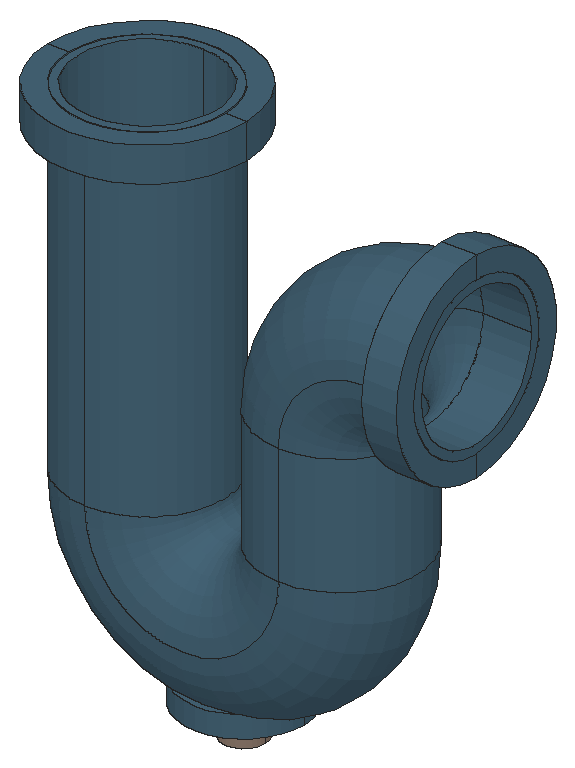
Revit family "Drain_Trap_Deep-Seal-Zurn-Z1000", category Plumbing Fixtures, Revit 2022
Family settings
  Round Connector Dimension = Use Radius
  Part Type = Normal
  OmniClass Number = 23.45.55.21
  OmniClass Title = Drains (Wastes)
  Work Plane-Based = No
  Always vertical = Yes
  Cut with Voids When Loaded = No
  Maintain Annotation Orientation = No
  Shared = No
  Room Calculation Point = No
Parameters (values of type "Z1000 - 4 Inch IP Threaded Outlet")
  Vent Connection = 1 = 0  # no
  Threaded Outlet = yes
  Product Installation Sheet URL = "https://files.zurn.com/care-cleaning-install-warranty-sheets/t3-(1).pdf"
  Plug Material = Bronze - Zurn - Polished
  Outlet Length = 1.410"
  HW Connection = 1 = 0  # no
  Dim 'C' = 5.000"
  Dim 'B' = 15.000"
  Dim 'D' = 9.500"
  Plug Radius = if(Connector Radius = 2.000", 1.750", if(Connector Radius = 1.500", 1.125", if(Connector Radius = 1.000", 1.000", Connector Radius)))  # 1.750"
  Cleanout Loc. = 2.795"
  CW Connection = 1 = 0  # no
  Waste Connection = 1 = 1  # yes
  WFU = 1  # constant formula
  URL = "www.zurn.com"
  Type Comments = ""
  Product data url = "https://www.bimobject.com/en-us/zurnindustries/product/zurn-z1000"
  Product Page URL = "https://www.zurn.com/products/drainage-interceptors/backwater-valves-traps-primers/z1000"
  Product Documentation Link = "https://files.zurn.com/spec-sheets/58885.pdf"
  Pipe Size 'A' (Outer Diameter) = 4.500"
  Connector Radius = [Pipe Size 'A' (Nominal Diameter)] / 2  # 2.000"
  Pipe Size 'A' (Nominal Diameter) = 4.000"
  Pipe Size 'A' (Inner Radius) = [Pipe Size 'A' (Inner Diameter)] / 2  # 2.013"
  Pipe Size 'A' (Outer Radius) = [Pipe Size 'A' (Outer Diameter)] / 2  # 2.250"
  Pipe Size 'A' (Inner Diameter) = 4.026"
  Modified Date = "02/27/2026"  # constant formula
  Model = "Z1000"
  Manufacurer Brand = "Zurn"  # constant formula
  Manufacturer = "Zurn Water, LLC"  # constant formula
  Main Material = Iron - Zurn - Cast - Painted - Blue
  HWFU = 0  # constant formula
  Description = "DEEP SEAL TRAP"  # constant formula
  Default Elevation = 20.000"
  Date Created = "11/13/2018"  # constant formula
  CWFU = 0  # constant formula
  Dim 'E' = 4.000"
  Bend Radius = 2.500"
  Assembly Code = "D2040100"
  Approx. Weight (Lbs) = 32.00 lbf
Types (6): name | Threaded Outlet | Outlet Length | Dim 'C' | Dim 'B' | Dim 'D' | Plug Radius | Cleanout Loc. | Pipe Size 'A' (Outer Diameter) | Connector Radius | Pipe Size 'A' (Nominal Diameter) | Pipe Size 'A' (Inner Radius) | Pipe Size 'A' (Outer Radius) | Pipe Size 'A' (Inner Diameter) | Dim 'E' | Bend Radius | Assembly Code | Approx. Weight (Lbs)
  Z1000 - 3 Inch No-Hub Outlet | no | 1.410" | 5.000" | 13.500" | 8.000" | 1.125" | 1.825" | 3.500" | 1.500" | 3.000" | 1.534" | 1.750" | 3.068" | 3.500" | 2.500" | "D2040200" | 32.00 lbf
  Z1000 - 2 Inch No-Hub Outlet | no | 1.188" | 4.000" | 10.500" | 6.500" | 1.000" | 1.969" | 2.275" | 1.000" | 2.000" | 1.0335" | 1.1375" | 2.067" | 2.750" | 1.375" | "D2040200" | 8.00 lbf
  Z1000 - 4 Inch No-Hub Outlet | no | 1.410" | 5.000" | 15.250" | 9.500" | 1.750" | 2.795" | 4.500" | 2.000" | 4.000" | 2.014" | 2.250" | 4.028" | 4.250" | 2.500" | "D2040200" | 32.00 lbf
  Z1000 - 2 Inch IP Threaded Outlet | yes | 1.000" | 4.000" | 9.500" | 5.875" | 1.000" | 1.750" | 2.275" | 1.000" | 2.000" | 1.0335" | 1.1375" | 2.067" | 1.750" | 1.375" | "D2040200" | 8.00 lbf
  Z1000 - 3 Inch IP Threaded Outlet | yes | 1.350" | 5.000" | 13.000" | 7.500" | 1.125" | 1.825" | 3.500" | 1.500" | 3.000" | 1.513" | 1.750" | 3.026" | 3.000" | 2.500" | "D2040200" | 17.00 lbf
  Z1000 - 4 Inch IP Threaded Outlet | yes | 1.410" | 5.000" | 15.000" | 9.500" | 1.750" | 2.795" | 4.500" | 2.000" | 4.000" | 2.013" | 2.250" | 4.026" | 4.000" | 2.500" | "D2040100" | 32.00 lbf
Reference planes (in)
  plane 1 "Center (Front/Back)": y = 0
  plane 2: z = 0
  plane 3 "Center (Left/Right)": x = 0
  plane 4: z = -15
  plane 5: x = 2
  plane 6: x = -2
  plane 7: y = -2
  plane 8: y = 2
  plane 9 "D": x = 9.5
  plane 10: z = -4
  plane 11: z = -1.987
  plane 12: z = -6.013
  plane 13: z = -11.013
  plane 14: x = 2.795
Forms (in)
  Sweep 1, solid, material "Iron - Zurn - Cast - Painted - Blue" <- "Main Material", detail levels fine
    path origin (0, 0, 0) x (1, 0, 0) y (0, 0, 1)
      loop
        line (0, 0) -> (0, -9.955)
        arc (0, -9.955) -> (2.795, -12.75) -> (5.59, -9.955) r 2.795
        line (5.59, -9.955) -> (5.59, -6.5)
        arc (5.59, -6.5) -> (6.32223, -4.73223) -> (8.09, -4) r 2.5
        line (8.09, -4) -> (9.5, -4)
    profile origin (0, 0, -4.9775) x (0, -1, 0) y (1, 0, 0)
      loop
        circle (0, 0) r 2.25
      loop
        circle (0, 0) r 2.013
  Revolve 2, solid, material "Iron - Zurn - Cast - Painted - Blue" <- "Main Material", visible <- "Threaded Outlet", detail levels fine
    sketch origin (0, 0, 0) x (1, 0, 0) y (0, 0, 1)
      loop
        line (-2.875, 0) -> (-2.875, -1) -> (-2.25, -1) -> (-2.25, 0) -> (-2.875, 0)
      axis (0, 0) -> (0, -1)
    angle from 0 to 360
  Revolve 3, solid, material "Iron - Zurn - Cast - Painted - Blue" <- "Main Material", visible <- "Threaded Outlet", detail levels fine
    sketch origin (0, 0, 0) x (1, 0, 0) y (0, 0, 1)
      loop
        line (8.5, -1.125) -> (8.5, -1.75) -> (9.5, -1.75) -> (9.5, -1.125) -> (8.5, -1.125)
      axis (8.5, -4) -> (9.5, -4)
    angle from 0 to 360
  Revolve 4, solid, material "Bronze - Zurn - Polished" <- "Plug Material", detail levels fine
    sketch origin (0, 0, 0) x (1, 0, 0) y (0, 0, 1)
      loop
        line (2.17, -15.25) -> (2.17, -15.875) -> (2.795, -15.875) -> (2.795, -15) -> (1.9825, -15) -> (1.9825, -15.25) -> (2.17, -15.25)
      axis (2.795, -15) -> (2.795, -15.875)
    angle from 0 to 360
  Revolve 5, solid, material "Iron - Zurn - Cast - Painted - Blue" <- "Main Material", detail levels fine
    sketch origin (0, 0, 0) x (1, 0, 0) y (0, 0, 1)
      loop
        line (1.045, -14.375) -> (1.045, -15) -> (2.795, -15) -> (2.795, -14.375) -> (1.045, -14.375)
      axis (2.795, -14.375) -> (2.795, -15)
    angle from 0 to 360
Lines and regions (in)
  Masking region 1, detail levels fine
    outline origin (-60.41868, -180, 4.6875) x (-1, 0, 0) y (0, -1, 0)
      loop
        arc (-60.41868, -182.25) -> (-58.16868, -180) -> (-60.41868, -177.75) r 2.25
        line (-60.41868, -177.75) -> (-69.91868, -177.75) -> (-69.91868, -182.25) -> (-60.41868, -182.25)
  Masking region 2, visible <- "Threaded Outlet"
    outline origin (-60.41868, -180, 4.6875) x (-1, 0, 0) y (0, -1, 0)
      loop
        line (-68.91868, -182.875) -> (-68.91868, -182.25) -> (-62.20841, -182.25)
        arc (-62.20841, -182.25) -> (-57.54368, -180) -> (-62.20841, -177.75) r 2.875
        line (-62.20841, -177.75) -> (-68.91868, -177.75) -> (-68.91868, -177.125) -> (-69.91868, -177.125) -> (-69.91868, -182.875) -> (-68.91868, -182.875)
  model lines, detail levels coarse+medium
    curve 1: line (9.5, 0, -1.987) -> (9.5, 0, -6.013)
    curve 2: line (9.5, -2, -4) -> (9.5, 2, -4)
    curve 3: line (-2, 0, 0) -> (2, 0, 0)
    curve 4: line (0, 2, 0) -> (0, -2, 0)
    curve 5: line (0, 0, 0) -> (0, 0, -10.231)
    curve 6: line (5.59, 0, -10.231) -> (5.59, 0, -6.5)
    curve 7: line (8.09, 0, -4) -> (9.5, 0, -4)
    curve 8: arc (5.59, 0, -6.5) -> (6.32223, 0, -4.73223) -> (8.09, 0, -4) r 2.5
    curve 9: arc (0, 0, -10.231) -> (2.795, 0, -13.026) -> (5.59, 0, -10.231) r 2.795
Dimensions and locks (in)
  "Connector Radius": plane 7 to plane 1 "Center (Front/Back)" to plane 8
  "Connector Radius": plane 6 to plane 3 "Center (Left/Right)" to plane 5
  "Dim 'B'": level to plane 4
  "Dim 'E'": level to plane 10
  "Pipe Size 'A' (Inner Radius)": plane 11 to plane 10 to plane 12
  "Dim 'D'": plane 9 "D" to plane 3 "Center (Left/Right)"
  "Dim 'C'": plane 12 to plane 13
  "Bend Radius": Sweep 1 sketch curve to Sweep 1 sketch curve
  "Bend Radius": plane 10 to Sweep 1 sketch curve
  "Pipe Size 'A' (Outer Radius)": plane 3 "Center (Left/Right)" to Revolve 2 sketch curve
  locked: Revolve 2 sketch curve to Revolve 2 sketch curve at 0.625
  locked: plane 9 "D" to Revolve 3 sketch curve at 1
  locked: level to Revolve 2 sketch curve at 1
  "Pipe Size 'A' (Outer Radius)": Masking region 1 sketch curve to plane 1 "Center (Front/Back)" to Masking region 1 sketch curve
  "Pipe Size 'A' (Outer Radius)": Sweep 1 to plane 3 "Center (Left/Right)"
  locked: Masking region 2 sketch curve to Masking region 1 at 0.625  (x2)
  "Pipe Size 'A' (Outer Radius)": Revolve 3 sketch curve to plane 10
  locked: Revolve 3 sketch curve to Revolve 3 sketch curve at 0.625
  "Outlet Length": plane 9 "D" to curve 8
  "Bend Radius": curve 8 to curve 6
  "Bend Radius": plane 10 to curve 8
  "Pipe Size 'A' (Inner Radius)": plane 13 to curve 9
  "Pipe Size 'A' (Outer Radius)": Sweep 1 sketch curve to plane 4
  "Outlet Length": plane 9 "D" to Sweep 1 sketch curve
  "Cleanout Loc.": plane 14 to plane 3 "Center (Left/Right)"
  locked: plane 14 to Revolve 4 sketch curve at 0.625
  locked: plane 4 to Revolve 4 sketch curve at 0.25
  locked: plane 14 to Revolve 4 sketch curve at 0.8125
  locked: Revolve 5 sketch curve to plane 4 at 0.625
  "Plug Radius": plane 14 to Revolve 5 sketch curve
  locked: plane 4 to Revolve 4 sketch curve at 0.875
  "Bend Radius": radius of Sweep 1 sketch curve
  "Pipe Size 'A' (Outer Radius)": radius of Sweep 1 sketch curve
  "Pipe Size 'A' (Inner Diameter)": diameter of Sweep 1 sketch curve
  "Bend Radius": radius of curve 8
  aligned and locked: plane 2 to level
  aligned and locked: Sweep 1 sketch curve to plane 3 "Center (Left/Right)"
  aligned and locked: plane 3 "Center (Left/Right)" to Sweep 1 sketch curve  (x2)
  aligned and locked: plane 1 "Center (Front/Back)" to Sweep 1 sketch curve  (x2)
  aligned and locked: level to Revolve 2 sketch curve
  aligned and locked: Revolve 2 sketch curve to plane 3 "Center (Left/Right)"
  aligned and locked: Revolve 3 sketch curve to Sweep 1
  aligned and locked: Revolve 3 sketch curve to plane 10
  aligned and locked: plane 11 to curve 1
  aligned and locked: plane 12 to curve 1
  aligned and locked: curve 1 to plane 9 "D"
  aligned and locked: plane 8 to curve 2
  aligned and locked: plane 7 to curve 2
  aligned and locked: curve 2 to plane 10
  aligned and locked: Masking region 1 sketch curve to plane 9 "D"
  aligned and locked: plane 3 "Center (Left/Right)" to Masking region 1 sketch curve  (x2)
  aligned and locked: plane 1 "Center (Front/Back)" to Masking region 1 sketch curve
  aligned and locked: Masking region 2 sketch curve to Revolve 3  (x2)
  aligned and locked: Masking region 2 sketch curve to Revolve 2
  aligned and locked: Masking region 1 to Masking region 2 sketch curve  (x2)
  aligned and locked: plane 8 to curve 4
  aligned and locked: plane 7 to curve 4
  aligned and locked: plane 6 to curve 3
  aligned and locked: plane 5 to curve 3
  aligned and locked: plane 1 "Center (Front/Back)" to curve 3
  aligned and locked: curve 4 to plane 3 "Center (Left/Right)"
  aligned and locked: level to curve 5
  aligned and locked: curve 5 to plane 3 "Center (Left/Right)"
  aligned and locked: plane 9 "D" to curve 7
  aligned and locked: Revolve 4 sketch curve to plane 14  (x2)
  aligned and locked: Revolve 4 sketch curve to plane 4
  aligned and locked: Revolve 5 sketch curve to plane 14  (x2)
  aligned and locked: plane 4 to Revolve 5 sketch curve
  aligned and locked: Masking region 2 sketch curve to Masking region 2 sketch curve
Automatic sketch dimensions
  Revolve 2 sketch curve to plane 4 = 13.500"
  level to Revolve 2 sketch curve = 102.71882"
  Sweep 1 sketch curve to plane 9 "D" = 0.000"
  Sweep 1 sketch curve to level = 0.000"
  Revolve 3 sketch curve to plane 9 "D" = 1.39022"
  plane 9 "D" to Revolve 3 sketch curve = 15.00227"
  Revolve 4 sketch curve to Revolve 4 sketch curve = 13.625"
  level to Revolve 4 sketch curve = 2.44004"
  Revolve 5 sketch curve to plane 4 = 14.500"
  level to Revolve 5 sketch curve = 2.44004"
Connectors (in)
  piping at (9.5, 0, -4), diameter 4, driven by "Connector Radius", driven by "Waste Connection"
    settings: on Sweep 1, index 1, connector inside diameter 24", connector length 0.000", flow factor 0, pipe flow 0 GPM, pressure drop 0.00 psi, fitting loss kfactor 0, connector angle 0.00°, fixture units 0, engagement length 0.000", angle of deflection 0.00°, flow configuration 0, flow direction 2, fitting loss method 0, system type 16, joint type 0, gender type 0, connector reference index -1, connector utility 1, adjustable connector no, is connector primary yes, connector description "Sanitary Outlet"
  piping at (0, 0, 0), diameter 4, driven by "Connector Radius", driven by "Waste Connection"
    settings: on Sweep 1, index 2, connector inside diameter 24", connector length 0.000", flow factor 0, pipe flow 0 GPM, pressure drop 0.00 psi, fitting loss kfactor 0, connector angle 0.00°, fixture units 0, engagement length 0.000", angle of deflection 0.00°, flow configuration 0, flow direction 1, fitting loss method 0, system type 16, joint type 0, gender type 0, connector reference index -1, connector utility 1, adjustable connector no, is connector primary no, connector description "Sanitary Inlet"
